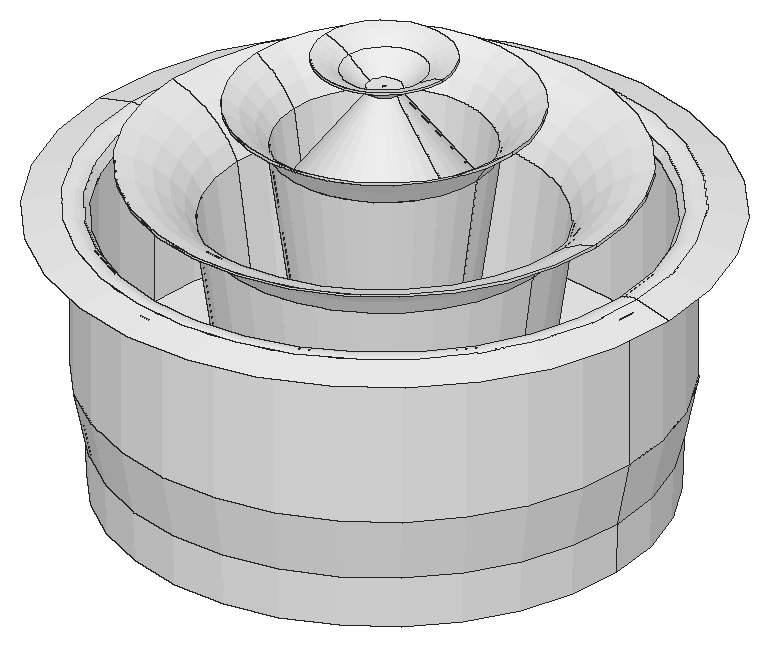
Revit family
Parameters
  URL = "http://www.productspec.net/products/32037/holyoake-industries/diffusers-jd.aspx"
  Type Comments = "Jet Diffuser"  # constant formula
  Radius = E / 2  # 149.0 mm
  Overall Height = A + B  # 199.3 mm
  Model = "JD-250"  # constant formula
  Manufacturer = "Holyoake Industries Ltd"  # constant formula
  Engineering Data [instance] = "http://www.productspec.net/nas/TechnicalFiles/2367/p32037/D3-D4 JD.pdf"
  E = 298.0 mm
  Duct Radius = C / 2  # 122.0 mm
  Diffuser [instance] = Aluminium - Holyoake
  Description = "Designed to provide an attractive option for air conditioning large areas."  # constant formula
  D = 268.0 mm
  Created By = "Productspec Ltd"  # constant formula
  C = 244.0 mm
  B = 125.3 mm
  Author = "DZZ"  # constant formula
  Airflow Rate [instance] = 0.0 L/s
  A = 74.0 mm
Reference planes
  plane 1 "Center (Front/Back)": y = 0
  plane 2: z = 0
  plane 3 "Center (Left/Right)": x = 0
  plane 4: z = 74
  plane 5: z = -125.3
  plane 6: y = -149
  plane 7: y = 149
  plane 8: y = 122
  plane 9: y = -122
  plane 10: y = 134
  plane 11: y = -134
Forms (mm)
  Sweep 1, solid, material "Aluminium - Holyoake" <- "Diffuser"
    path origin (0, 0, 0) x (1, 0, 0) y (0, 1, 0)
      loop
        circle (0, 0) r 149
    profile "Holyoake_JetDiffuser_JD250_Profile : Holyoake_JetDiffuser_JD_Profile" origin (0, 149, 0) x (0, -1, 0) y (0, 0, 1)
      loop
        line (6.065, 1) -> (3.567, 1.848) -> (16.775, 5.183)
        arc (16.775, 5.183) -> (20.891, 5.289) -> (24.673, 3.665) r 9.616
        arc (24.673, 3.665) -> (25.89, 1.971) -> (27, 0.205) r 33.502
        line (27, 0.205) -> (27, -84.6) -> (82.391, -84.6) -> (83.136, -89.9) -> (117.884, -89.9) -> (120.09, -105.6) -> (121.1, -105.6) -> (105.444, 5.8) -> (143.253, 57.002) -> (148.5, 57.002) -> (148.5, 60.002) -> (141.187, 60.002)
        arc (141.187, 60.002) -> (135.524, 63.805) -> (130.3, 68.193) r 63.679
        arc (130.3, 68.193) -> (124.663, 71.738) -> (118.4, 74) r 31.071
        line (118.4, 74) -> (118.4, 72.985)
        arc (118.4, 72.985) -> (124.33, 70.803) -> (129.674, 67.432) r 30.085
        arc (129.674, 67.432) -> (135.079, 62.909) -> (140.945, 59.002) r 64.663
        line (140.945, 59.002) -> (147.5, 59.002) -> (147.5, 58.002) -> (142.748, 58.002) -> (105.245, 7.214) -> (101.629, 32.946)
        arc (101.629, 32.946) -> (93.228, 43.913) -> (82.1, 52.1) r 49
        line (82.1, 52.1) -> (82.1, 50.961)
        arc (82.1, 50.961) -> (92.653, 43.076) -> (100.665, 32.619) r 48
        line (100.665, 32.619) -> (117.743, -88.9) -> (84.005, -88.9) -> (71.841, -2.349)
        arc (71.841, -2.349) -> (58.025, 14.953) -> (38, 24.4) r 48.957
        line (38, 24.4) -> (38, 23.376)
        arc (38, 23.376) -> (57.43, 14.149) -> (70.872, -2.642) r 47.957
        line (70.872, -2.642) -> (82.25, -83.6) -> (28, -83.6) -> (28, 0.356)
        arc (28, 0.356) -> (26.78, 2.334) -> (25.429, 4.225) r 34.444
        arc (25.429, 4.225) -> (21.206, 6.141) -> (16.569, 6.054) r 10.515
        line (16.569, 6.054) -> (-0.2, 2.071) -> (5.9, 0) -> (16.25, 0)
        arc (16.25, 0) -> (19.078, -1.172) -> (20.25, -4) r 4
        line (20.25, -4) -> (20.25, -72.53) -> (26.41, -102.238) -> (27.026, -125.3) -> (148.5, -125.3) -> (148.5, -124.3) -> (28, -124.3) -> (27.407, -102.098) -> (21.25, -72.4) -> (21.25, -4)
        arc (21.25, -4) -> (19.786, -0.464) -> (16.25, 1) r 5
        line (16.25, 1) -> (6.065, 1)
Dimensions and locks
  "A": plane 4 to plane 2
  "B": plane 2 to plane 5
  "E": plane 7 to plane 6
  equal spacing: plane 7, plane 1 "Center (Front/Back)", plane 6
  equal spacing: plane 8, plane 1 "Center (Front/Back)", plane 9
  equal spacing: plane 10, plane 1 "Center (Front/Back)", plane 11
  "C": plane 8 to plane 9
  "D": plane 10 to plane 11
  "Radius": radius of Sweep 1 sketch curve
Automatic sketch dimensions
  plane 1 "Center (Front/Back)" to Sweep 1 sketch curve = 0.0 mm
  Sweep 1 sketch curve to plane 3 "Center (Left/Right)" = 0.0 mm
Connectors
  hvac at (0, 0, -124.3), driven by "Duct Radius", driven by "Airflow Rate"
    settings: on Sweep 1, index 1
